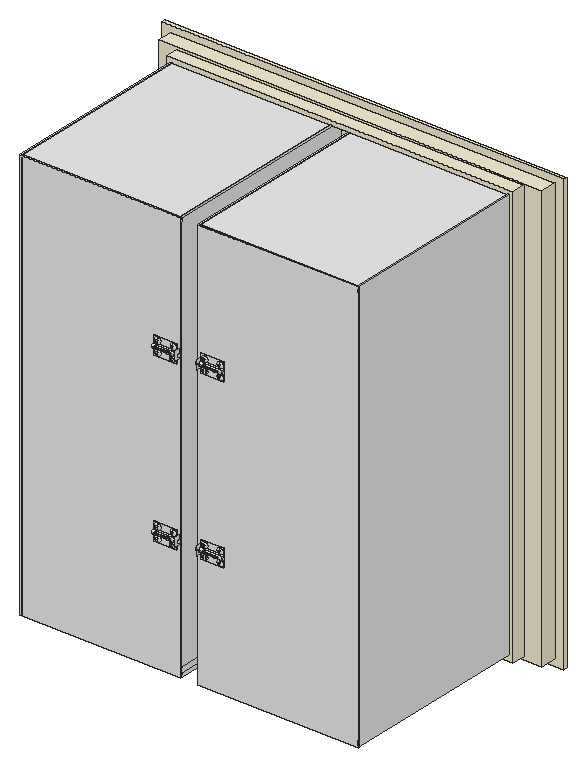
Revit family "Mailboxes_4C-Salsbury_Industries-Rear_Load-9_Door_High_Units", category Specialty Equipment, host Wall, Revit 2016 (continued)
Definition of nested family "3700 Series 4C Door Configurations"
  Automatic sketch dimensions
    Extrusion 1 sketch curve to plane 7 "Front Face of Door" = 0.14468"
    plane 10 "Face of Divider" to Extrusion 1 sketch curve = 0.12271"
    plane 1 "Center (Front/Back)" to Extrusion 1 sketch curve = 0.05445"
    plane 10 "Face of Divider" to Extrusion 1 sketch curve = 0.16676"
    Blend 2 sketch curve to plane 9 = 0.000"  (x2)
    plane 11 "Center Lock Vertical" to Blend 2 sketch curve = 0.000"  (x2)
    plane 11 "Center Lock Vertical" to Extrusion 4 sketch curve = 0.000"
    Extrusion 4 sketch curve to plane 9 = 0.120"
    Extrusion 4 sketch curve to Extrusion 4 sketch curve = 0.285"
    plane 11 "Center Lock Vertical" to Extrusion 5 sketch curve = 0.02933"
    Extrusion 5 sketch curve to plane 11 "Center Lock Vertical" = 0.03067"
    Extrusion 5 sketch curve to plane 9 = 0.2917"
    plane 9 to Extrusion 5 sketch curve = 0.0083"
    Extrusion 6 sketch curve to plane 9 = 0.750"
    Extrusion 6 sketch curve to Extrusion 6 sketch curve = 0.125"  (x3)
    plane 9 to Extrusion 6 sketch curve = 0.625"  (x2)
    plane 3 "Center (Left/Right)" to Extrusion 6 sketch curve = 0.7775"
    plane 15 "Inset Center" to Extrusion 6 sketch curve = 0.750"
    curve 1 to plane 9 = 0.000"
    plane 11 "Center Lock Vertical" to curve 1 = 0.000"
    radius of Blend 2 sketch curve = 0.525"
    radius of Blend 2 sketch curve = 0.485"
    radius of curve 1 = 0.53054"
Definition of nested family "3700 Series 4C OM2 Configuration"
  Parameters (values of type "OM2-RL")
    Weight = ""
    URL = ""
    Access Lock Offset = 0.3125"
    Access Lock = no
    Model = "3700OM2-RL"
    Manufacturer = "Salsbury Industries"
    Lock Material = none
    Front Panel Material = none
    Door Width = 13.375"
    Door Number [instance] = "101"
    Door Height = 7.00047"
    Door Depth = 0.25391"
    Description = "OM2 Door for 3700 Series 4C Mailboxes-Rear Loading"
    Cost = 0
    Center Lock-Vertical = 2.360"
    Center Lock-Horizontal = 1.61523"
  Types (3): name | Access Lock Offset | Access Lock | Model | Description
    (no name) | 0.3125" | no | "3700OM2-RL" | "OM2 Door for 3700 Series 4C Mailboxes-Rear Loading"
    OM2-FL | 0.000" | yes | "3700OM2-FL" | "OM2 Door for 3700 Series 4C Mailboxes-Front Loading"
    OM2-RL | 0.3125" | no | "3700OM2-RL" | "OM2 Door for 3700 Series 4C Mailboxes-Rear Loading"
  Reference planes (in)
    plane 1 "Center (Front/Back)": y = 0
    plane 2 "Bottom of Door": z = 0
    plane 3 "Center (Left/Right)": x = 0
    plane 4 "Left Side Face of Door": x = -6.6875
    plane 5 "Right Side Face of Door": x = 6.6875
    plane 6 "Back Face of Door": y = 0.12695
    plane 7 "Front Face of Door": y = -0.12695
    plane 8: z = 3.23047
    plane 9: z = 1.61523
    plane 10: y = -0.46995
    plane 11 "Center Lock Vertical": x = -4.3275
    plane 12 "Center Lock Horizontal": z = 1.61523
    plane 13 "Face of Lock": y = -0.42383
    plane 14 "Divider Height Align": z = 3.50047
    plane 15 "Plate Center": x = -0.16063
    plane 16 "Left Stud Align": x = -5.7025
    plane 17 "Right Stud Align": x = -2.8895
    plane 18 "Top Stud Align": z = 2.27147
    plane 19 "Bottom Stud Align": z = 0.95947
    plane 20 "Hinge Stud Align": x = 5.6875
    plane 21 "Mail Plate Top": z = 2.61547
    plane 22 "Mail Plate Bottom": z = 0.61547
    plane 23: x = -2.1595
    plane 24: x = 1.8405
    plane 25 "Face of Mail Plate": y = -0.16602
    plane 26 "Top of Mail Drop Door": z = 6.73094
    plane 27 "Top of Mail Drop Divider": z = 7.00047
    plane 28 "Face of Mail Drop": y = -0.31995
    plane 29 "Top of Mail Slot": z = 6.42087
    plane 30 "Bottom of Mail Slot": z = 5.67087
    plane 31 "Left Edge of Mail Slot": x = -5.3755
    plane 32 "Right Edge of Mail Slot": x = 5.3755
    plane 33 "Mail Slot Bottom Protusion": z = 6.50987
    plane 34: y = -0.49395
    plane 35: z = 6.15637
    plane 36 "Front of Awning": y = -1.63495
    plane 37: y = -1.15685
    plane 38 "Mail Slot Slope": through (-240, -0.44582, 6.9722) normal (0, -0.5, 0.866)
    plane 39 "Access Lock Offset": y = 0.43945
  Forms (in)
    Extrusion 1, solid, material <- "Front Panel Material"
      sketch origin (0, 0, 0) x (1, 0, 0) y (0, 1, 0)
        loop
          line (-6.4355, 0.12695) -> (-6.6875, -0.05445) -> (-6.6875, -0.12695) -> (6.05625, -0.12695)
          arc (6.05625, -0.12695) -> (6.19558, -0.17661) -> (6.27209, -0.3032) r 0.22029
          arc (6.27209, -0.3032) -> (6.3553, -0.42132) -> (6.4925, -0.46664) r 0.23034
          arc (6.4925, -0.46664) -> (6.63039, -0.40952) -> (6.6875, -0.27164) r 0.195
          line (6.6875, -0.27164) -> (6.6875, 0.12695) -> (-6.4355, 0.12695)
      from 0 to 3.23047
    Extrusion 2, solid, material <- "Front Panel Material"
      sketch origin (0, 0, 3.50047) x (-1, 0, 0) y (0, -1, 0)
        loop
          line (6.6875, -0.12695) -> (6.6875, 0.46995) -> (-6.6875, 0.46995) -> (-6.6875, -0.12695) -> (6.6875, -0.12695)
      from -0.27 to 0
    Extrusion 3, void
      sketch origin (0, 0.43945, 0) x (0, 0, -1) y (-1, 0, 0)
        loop
          circle (-1.61523, 4.3275) r 0.4375
      from 0 to -0.25391
    Extrusion 4, solid, material <- "Lock Material", visible <- "Access Lock"
      sketch origin (0, 0.43945, 0) x (0, 0, -1) y (-1, 0, 0)
        loop
          circle (-1.61523, 4.3275) r 0.42913
      from 0 to -0.25391
    Extrusion 5, void, detail levels fine
      sketch origin (0, 0.12695, 3.4) x (-1, 0, 0) y (0, 0, 1)
        loop
          line (4.3568, -1.47517) -> (4.2982, -1.47517) -> (4.2982, -2.09436) -> (4.3568, -2.09436) -> (4.3568, -1.47517)
      from -0.12695 to -0.25391
    Blend 6, solid, material <- "Front Panel Material", detail levels medium+fine
      base sketch origin (0, -0.12695, 2.68123) x (-1, 0, 0) y (0, 0, 1)
        loop
          circle (5.7025, -0.40977) r 0.15665
      top sketch origin (0, -0.12695, 2.68123) x (-1, 0, 0) y (0, 0, 1)
        loop
          circle (5.7025, -0.40977) r 0.3125
      from -0.11328 to 0
    Blend 7, solid, material <- "Front Panel Material", detail levels medium+fine
      base sketch origin (1.3125, -0.12695, 2.68123) x (-1, 0, 0) y (0, 0, 1)
        loop
          circle (4.202, -0.40977) r 0.15665
      top sketch origin (1.3125, -0.12695, 2.68123) x (-1, 0, 0) y (0, 0, 1)
        loop
          circle (4.202, -0.40977) r 0.3125
      from -0.11328 to 0
    Blend 8, solid, material <- "Front Panel Material", detail levels medium+fine
      base sketch origin (0, -0.12695, 1.36923) x (-1, 0, 0) y (0, 0, 1)
        loop
          circle (5.7025, -0.40977) r 0.15665
      top sketch origin (0, -0.12695, 1.36923) x (-1, 0, 0) y (0, 0, 1)
        loop
          circle (5.7025, -0.40977) r 0.3125
      from -0.11328 to 0
    Blend 9, solid, material <- "Front Panel Material", detail levels medium+fine
      base sketch origin (1.3125, -0.12695, 1.36923) x (-1, 0, 0) y (0, 0, 1)
        loop
          circle (4.202, -0.40977) r 0.15665
      top sketch origin (1.3125, -0.12695, 1.36923) x (-1, 0, 0) y (0, 0, 1)
        loop
          circle (4.202, -0.40977) r 0.3125
      from -0.11328 to 0
    Blend 10, solid, material <- "Front Panel Material", detail levels medium+fine
      base sketch origin (9.8895, -0.12695, 2.68123) x (-1, 0, 0) y (0, 0, 1)
        loop
          circle (4.202, -0.40977) r 0.15665
      top sketch origin (9.8895, -0.12695, 2.68123) x (-1, 0, 0) y (0, 0, 1)
        loop
          circle (4.202, -0.40977) r 0.3125
      from -0.11328 to 0
    Blend 11, solid, material <- "Front Panel Material", detail levels medium+fine
      base sketch origin (9.8895, -0.12695, 1.36923) x (-1, 0, 0) y (0, 0, 1)
        loop
          circle (4.202, -0.40977) r 0.15665
      top sketch origin (9.8895, -0.12695, 1.36923) x (-1, 0, 0) y (0, 0, 1)
        loop
          circle (4.202, -0.40977) r 0.3125
      from -0.11328 to 0
    Extrusion 12, solid, material <- "Lock Material"
      sketch origin (0, -0.12695, 0) x (-1, 0, 0) y (0, 0, 1)
        loop
          line (1.96028, 2.61547) -> (-1.64128, 2.61547)
          arc (-1.64128, 2.61547) -> (-1.78215, 2.55712) -> (-1.8405, 2.41625) r 0.19922
          line (-1.8405, 2.41625) -> (-1.8405, 0.81469)
          arc (-1.8405, 0.81469) -> (-1.78215, 0.67382) -> (-1.64128, 0.61547) r 0.19922
          line (-1.64128, 0.61547) -> (1.96028, 0.61547)
          arc (1.96028, 0.61547) -> (2.10115, 0.67382) -> (2.1595, 0.81469) r 0.19922
          line (2.1595, 0.81469) -> (2.1595, 2.41625)
          arc (2.1595, 2.41625) -> (2.10115, 2.55712) -> (1.96028, 2.61547) r 0.19922
      from 0 to -0.03906
    Extrusion 13, solid, material <- "Front Panel Material"
      sketch origin (-2.13946, 0, 3.50047) x (-1, 0, 0) y (0, -1, 0)
        loop
          line (4.54804, -0.12695) -> (4.54804, 0.31995) -> (-8.82696, 0.31995) -> (-8.82696, -0.12695) -> (4.54804, -0.12695)
      from 0 to 3.0094
    Extrusion 14, void
      sketch origin (0, -0.31995, 0) x (0, 0, -1) y (-1, 0, 0)
        loop
          arc (-5.67087, 5.0005) -> (-6.04587, 5.3755) -> (-6.42087, 5.0005) r 0.375
          line (-6.42087, 5.0005) -> (-6.42087, -5.0005)
          arc (-6.42087, -5.0005) -> (-6.04587, -5.3755) -> (-5.67087, -5.0005) r 0.375
          line (-5.67087, -5.0005) -> (-5.67087, 5.0005)
      from 0 to 0.44691
    Extrusion 15, solid, material <- "Front Panel Material"
      sketch origin (0, 0, 0) x (0, 1, 0) y (0, 0, 1)
        loop
          line (0.12695, 6.50987) -> (0.12695, 7.00047) -> (-0.46995, 7.00047) -> (-0.75605, 6.83078) -> (-0.73973, 6.80251) -> (-1.27431, 6.49388) -> (-1.29063, 6.52214) -> (-1.61027, 6.3376)
          arc (-1.61027, 6.3376) -> (-1.63087, 6.31111) -> (-1.62714, 6.27777) r 0.04454
          line (-1.62714, 6.27777) -> (-1.5282, 6.17883)
          arc (-1.5282, 6.17883) -> (-1.4937, 6.16211) -> (-1.4558, 6.15637) r 0.12791
          line (-1.4558, 6.15637) -> (-1.10623, 6.15637) -> (-0.49395, 6.50987) -> (0.12695, 6.50987)
      from -6.6875 to 6.6875
  Cuts and joins
    Extrusion 3 cuts Extrusion 1
    Extrusion 5 cuts Extrusion 4
    Extrusion 14 cuts Extrusion 13
  Lines and regions (in)
    symbolic lines
      curve 1: circle (-5.7025, -0.12695, 2.27147) r 0.3125 normal (0, 1, 0)
      curve 2: circle (-5.7025, -0.12695, 0.95947) r 0.3125 normal (0, 1, 0)
      curve 3: circle (-2.8895, -0.12695, 0.95947) r 0.3125 normal (0, 1, 0)
      curve 4: circle (-2.8895, -0.12695, 2.27147) r 0.3125 normal (0, 1, 0)
      curve 5: circle (-4.3275, -0.12695, 1.61523) r 0.42913 normal (0, 1, 0)
      curve 6: circle (5.6875, -0.12695, 0.95947) r 0.3125 normal (0, 1, 0)
      curve 7: circle (5.6875, -0.12695, 2.27147) r 0.3125 normal (0, 1, 0)
      curve 8: arc (-2.1595, -0.12695, 2.41625) -> (-2.10115, -0.12695, 2.55712) -> (-1.96028, -0.12695, 2.61547) r 0.19922
      curve 9: arc (1.8405, -0.12695, 2.41625) -> (1.78215, -0.12695, 2.55712) -> (1.64128, -0.12695, 2.61547) r 0.19922
      curve 10: arc (1.8405, -0.12695, 0.81469) -> (1.78215, -0.12695, 0.67382) -> (1.64128, -0.12695, 0.61547) r 0.19922
      curve 11: arc (-1.96028, -0.12695, 0.61547) -> (-2.10115, -0.12695, 0.67382) -> (-2.1595, -0.12695, 0.81469) r 0.19922
      curve 12: line (-2.1595, -0.12695, 0.81469) -> (-2.1595, -0.12695, 2.41625)
      curve 13: line (-1.96028, -0.12695, 2.61547) -> (1.64128, -0.12695, 2.61547)
      curve 14: line (1.8405, -0.12695, 2.41625) -> (1.8405, -0.12695, 0.81469)
      curve 15: line (1.64128, -0.12695, 0.61547) -> (-1.96028, -0.12695, 0.61547)
  Dimensions and locks (in)
    equal spacing: plane 6 "Back Face of Door", plane 1 "Center (Front/Back)", plane 7 "Front Face of Door"
    "Door Depth": plane 6 "Back Face of Door" to plane 7 "Front Face of Door"
    equal spacing: plane 4 "Left Side Face of Door", plane 3 "Center (Left/Right)", plane 5 "Right Side Face of Door"
    "Door Width": plane 4 "Left Side Face of Door" to plane 5 "Right Side Face of Door"
    plane 8 to level = 3.23047"
    equal spacing: plane 8, plane 9, level
    locked: plane 7 "Front Face of Door" to plane 10 at 0.343
    "Center Lock-Vertical": plane 4 "Left Side Face of Door" to plane 11 "Center Lock Vertical"
    "Center Lock-Horizontal": plane 8 to plane 12 "Center Lock Horizontal"
    locked: plane 14 "Divider Height Align" to plane 8 at 0.27
    plane 4 "Left Side Face of Door" to plane 16 "Left Stud Align" to plane 17 "Right Stud Align" = 0.985", 2.813"
    plane 8 to plane 18 "Top Stud Align" to plane 19 "Bottom Stud Align" = 0.959", 1.312"
    plane 20 "Hinge Stud Align" to plane 5 "Right Side Face of Door" = 1.000"
    plane 8 to plane 21 "Mail Plate Top" to plane 22 "Mail Plate Bottom" = 0.615", 2.000"
    plane 4 "Left Side Face of Door" to plane 23 to plane 24 = 4.528", 4.000"
    plane 27 "Top of Mail Drop Divider" to plane 26 "Top of Mail Drop Door" to plane 14 "Divider Height Align" = 0.26953" locked, 3.23047"
    "Door Height": plane 27 "Top of Mail Drop Divider" to level
    plane 28 "Face of Mail Drop" to plane 10 = 0.150"
    locked: plane 27 "Top of Mail Drop Divider" to plane 29 "Top of Mail Slot" at 0.5796
    locked: plane 29 "Top of Mail Slot" to plane 30 "Bottom of Mail Slot" at 0.75
    locked: plane 4 "Left Side Face of Door" to plane 31 "Left Edge of Mail Slot" at 1.312
    locked: plane 32 "Right Edge of Mail Slot" to plane 5 "Right Side Face of Door" at 1.312
    locked: plane 33 "Mail Slot Bottom Protusion" to plane 29 "Top of Mail Slot" at 0.089
    plane 28 "Face of Mail Drop" to plane 34 = 0.174"
    plane 33 "Mail Slot Bottom Protusion" to plane 35 = 0.3535"
    plane 28 "Face of Mail Drop" to plane 36 "Front of Awning" = 1.315"
    plane 4 "Left Side Face of Door" to plane 5 "Right Side Face of Door" = 13.375"
    plane 6 "Back Face of Door" to plane 36 "Front of Awning" = 1.76191"
    "Access Lock Offset": plane 39 "Access Lock Offset" to plane 6 "Back Face of Door"
    aligned and locked: level to plane 2 "Bottom of Door"
    aligned and locked: plane 4 "Left Side Face of Door" to Extrusion 1
    aligned and locked: plane 6 "Back Face of Door" to Extrusion 1
    aligned and locked: plane 7 "Front Face of Door" to Extrusion 1
    aligned and locked: Extrusion 1 to level
    aligned and locked: plane 8 to Extrusion 1
    aligned and locked: Extrusion 2 sketch curve to plane 4 "Left Side Face of Door"
    aligned and locked: Extrusion 2 sketch curve to plane 6 "Back Face of Door"
    aligned and locked: plane 5 "Right Side Face of Door" to Extrusion 2 sketch curve
    aligned and locked: Extrusion 2 to plane 8
    aligned and locked: plane 10 to Extrusion 2 sketch curve
    aligned and locked: plane 14 "Divider Height Align" to Extrusion 2
    aligned and locked: plane 4 "Left Side Face of Door" to Extrusion 2
    aligned and locked: Extrusion 2 to plane 5 "Right Side Face of Door"
    aligned and locked: Extrusion 13 to plane 28 "Face of Mail Drop"
    aligned and locked: plane 29 "Top of Mail Slot" to Extrusion 14 sketch curve
    aligned and locked: cut or joined group of Extrusion 13, Extrusion 14 to cut or joined group of Extrusion 13, Extrusion 14
    aligned and locked: cut or joined group of Extrusion 1, Extrusion 3 to plane 2 "Bottom of Door"
  Automatic sketch dimensions
    Extrusion 1 sketch curve to plane 4 "Left Side Face of Door" = 0.000"
    Extrusion 1 sketch curve to plane 6 "Back Face of Door" = 0.000"
    Extrusion 1 sketch curve to plane 7 "Front Face of Door" = 0.000"
    Extrusion 1 sketch curve to plane 5 "Right Side Face of Door" = 0.000"
    Extrusion 1 sketch curve to plane 4 "Left Side Face of Door" = 0.252"
    Extrusion 1 sketch curve to plane 20 "Hinge Stud Align" = 0.36875"
    Extrusion 1 sketch curve to plane 25 "Face of Mail Plate" = 0.07029"
    plane 5 "Right Side Face of Door" to Extrusion 1 sketch curve = 0.195"
    Extrusion 1 sketch curve to plane 25 "Face of Mail Plate" = 0.10562"
    Extrusion 1 sketch curve to plane 13 "Face of Lock" = 0.07658"
    plane 1 "Center (Front/Back)" to Extrusion 1 sketch curve = 0.05445"
    Extrusion 1 sketch curve to plane 13 "Face of Lock" = 0.12063"
    Extrusion 5 sketch curve to plane 11 "Center Lock Vertical" = 0.0293"
    plane 11 "Center Lock Vertical" to Extrusion 5 sketch curve = 0.0293"
    Extrusion 5 sketch curve to plane 9 = 0.30959"
    plane 9 to Extrusion 5 sketch curve = 0.30959"
    plane 16 "Left Stud Align" to Blend 6 sketch curve = 0.000"  (x2)
    Blend 6 sketch curve to plane 18 "Top Stud Align" = 0.000"  (x2)
    plane 17 "Right Stud Align" to Blend 7 sketch curve = 0.000"  (x2)
    Blend 7 sketch curve to plane 18 "Top Stud Align" = 0.000"  (x2)
    plane 16 "Left Stud Align" to Blend 8 sketch curve = 0.000"  (x2)
    Blend 8 sketch curve to plane 19 "Bottom Stud Align" = 0.000"  (x2)
    plane 17 "Right Stud Align" to Blend 9 sketch curve = 0.000"  (x2)
    Blend 9 sketch curve to plane 19 "Bottom Stud Align" = 0.000"  (x2)
    Blend 10 sketch curve to plane 18 "Top Stud Align" = 0.000"  (x2)
    plane 20 "Hinge Stud Align" to Blend 10 sketch curve = 0.000"  (x2)
    Blend 11 sketch curve to plane 19 "Bottom Stud Align" = 0.000"  (x2)
    plane 20 "Hinge Stud Align" to Blend 11 sketch curve = 0.000"  (x2)
    plane 24 to Extrusion 12 sketch curve = 0.000"
    Extrusion 12 sketch curve to plane 22 "Mail Plate Bottom" = 0.000"
    Extrusion 12 sketch curve to plane 21 "Mail Plate Top" = 0.000"
    plane 23 to Extrusion 12 sketch curve = 0.000"
    plane 24 to Extrusion 12 sketch curve = 0.19922"  (x2)
    plane 18 "Top Stud Align" to Extrusion 12 sketch curve = 0.14478"
    Extrusion 12 sketch curve to plane 23 = 0.19922"
    Extrusion 13 sketch curve to plane 5 "Right Side Face of Door" = 0.000"
    Extrusion 13 sketch curve to plane 4 "Left Side Face of Door" = 0.000"
    Extrusion 13 sketch curve to plane 6 "Back Face of Door" = 0.000"
    Extrusion 13 sketch curve to plane 7 "Front Face of Door" = 0.193"
    Extrusion 14 sketch curve to plane 30 "Bottom of Mail Slot" = 0.000"
    plane 32 "Right Edge of Mail Slot" to Extrusion 14 sketch curve = 0.375"
    Extrusion 14 sketch curve to plane 31 "Left Edge of Mail Slot" = 0.375"
    Extrusion 15 sketch curve to plane 35 = 0.000"
    Extrusion 15 sketch curve to plane 33 "Mail Slot Bottom Protusion" = 0.000"
    Extrusion 15 sketch curve to plane 34 = 0.000"
    Extrusion 15 sketch curve to plane 27 "Top of Mail Drop Divider" = 0.000"
    Extrusion 15 sketch curve to plane 6 "Back Face of Door" = 0.000"
    plane 26 "Top of Mail Drop Door" to Extrusion 15 sketch curve = 0.07158"
    Extrusion 15 sketch curve to plane 34 = 0.24578"
    plane 26 "Top of Mail Drop Door" to Extrusion 15 sketch curve = 0.09984"
    Extrusion 15 sketch curve to Extrusion 15 sketch curve = 0.01632"
    plane 37 to Extrusion 15 sketch curve = 0.05062"
    Extrusion 15 sketch curve to plane 33 "Mail Slot Bottom Protusion" = 0.01599"
    plane 33 "Mail Slot Bottom Protusion" to Extrusion 15 sketch curve = 0.01227"
    plane 36 "Front of Awning" to Extrusion 15 sketch curve = 0.17915"
    plane 35 to Extrusion 15 sketch curve = 0.02246"
    Extrusion 15 sketch curve to Extrusion 15 sketch curve = 0.0724"
    plane 36 "Front of Awning" to Extrusion 15 sketch curve = 0.04696"
    plane 36 "Front of Awning" to Extrusion 15 sketch curve = 0.02469"
    plane 36 "Front of Awning" to Extrusion 15 sketch curve = 0.00781"
    Extrusion 15 sketch curve to Extrusion 15 sketch curve = 0.05983"
    Extrusion 4 sketch curve to plane 9 = 0.000"
    plane 11 "Center Lock Vertical" to Extrusion 4 sketch curve = 0.000"
    Extrusion 3 sketch curve to plane 9 = 0.000"
    plane 11 "Center Lock Vertical" to Extrusion 3 sketch curve = 0.000"
    curve 6 to plane 19 "Bottom Stud Align" = 0.000"
    plane 20 "Hinge Stud Align" to curve 6 = 0.000"
    curve 7 to plane 18 "Top Stud Align" = 0.000"
    plane 20 "Hinge Stud Align" to curve 7 = 0.000"
    plane 24 to curve 14 = 0.000"
    curve 9 to plane 21 "Mail Plate Top" = 0.000"
    curve 11 to plane 22 "Mail Plate Bottom" = 0.000"
    plane 23 to curve 12 = 0.000"
    plane 17 "Right Stud Align" to curve 4 = 0.000"
    plane 17 "Right Stud Align" to curve 3 = 0.000"
    curve 5 to plane 9 = 0.000"
    plane 11 "Center Lock Vertical" to curve 5 = 0.000"
    plane 16 "Left Stud Align" to curve 1 = 0.000"
    plane 16 "Left Stud Align" to curve 2 = 0.000"
    curve 2 to plane 19 "Bottom Stud Align" = 0.000"
    curve 3 to plane 19 "Bottom Stud Align" = 0.000"
    curve 1 to plane 18 "Top Stud Align" = 0.000"
    curve 4 to plane 18 "Top Stud Align" = 0.000"
    plane 18 "Top Stud Align" to curve 9 = 0.14478"
    curve 10 to plane 19 "Bottom Stud Align" = 0.14478"
    plane 18 "Top Stud Align" to curve 8 = 0.14478"
    curve 11 to plane 19 "Bottom Stud Align" = 0.14478"
    radius of Blend 6 sketch curve = 0.15665"
    radius of Blend 6 sketch curve = 0.3125"
    radius of Blend 7 sketch curve = 0.15665"
    radius of Blend 7 sketch curve = 0.3125"
    radius of Blend 8 sketch curve = 0.15665"
    radius of Blend 8 sketch curve = 0.3125"
    radius of Blend 9 sketch curve = 0.15665"
    radius of Blend 9 sketch curve = 0.3125"
    radius of Blend 10 sketch curve = 0.15665"
    radius of Blend 10 sketch curve = 0.3125"
    radius of Blend 11 sketch curve = 0.15665"
    radius of Blend 11 sketch curve = 0.3125"
    radius of Extrusion 4 sketch curve = 0.42913"
    radius of Extrusion 3 sketch curve = 0.4375"
    radius of curve 1 = 0.3125"
    radius of curve 2 = 0.3125"
    radius of curve 3 = 0.3125"
    radius of curve 4 = 0.3125"
    radius of curve 5 = 0.42913"
    radius of curve 6 = 0.3125"
    radius of curve 7 = 0.3125"
Definition of nested family "4C Latch Lock"
  Parameters (values of type "Lock Latch")
    Width = 1.750"
    Type Comments = "Lock Latch for Aluminum Mailboxes"
    Visible Latch = yes
    Manufacturer = "Salsbury Industries"
    Height = 1.375"
    Depth = 0.244"
    Back Enclosure Material = none
  Reference planes (in)
    plane 1 "Center (Front/Back)": y = 0
    plane 2 "left": z = 0
    plane 3 "Center (Left/Right)": x = 0
    plane 4 "top": x = -0.875
    plane 5 "bottom": x = 0.875
    plane 6 "Front": y = 0.122
    plane 7 "Back": y = -0.122
    plane 8 "Vertical Center": z = 0.6875
    plane 9 "right": z = 1.375
    plane 10: x = -1
    plane 11: x = -1.125
  Forms (in)
    Extrusion 1, solid, material <- "Back Enclosure Material", visible <- "Visible Latch", detail levels medium+fine
      sketch origin (-0.67187, 0, 0.67188) x (0, 0, -1) y (0, 1, 0)
        loop
          line (-0.22131, -0.0902) -> (-0.70312, -0.0902) -> (-0.70312, -0.12209) -> (-0.22129, -0.12209)
          arc (-0.22129, -0.12209) -> (-0.1389, -0.08579) -> (-0.11009, -0.00048) r 0.11165
          arc (-0.11009, -0.00048) -> (-0.01599, 0.09362) -> (0.07812, -0.00048) r 0.09411
          arc (0.07812, -0.00048) -> (0.10866, -0.08591) -> (0.19189, -0.122) r 0.11401
          line (0.19189, -0.122) -> (0.67187, -0.122) -> (0.67187, -0.08954) -> (0.19205, -0.08954)
          arc (0.19205, -0.08954) -> (0.13091, -0.06294) -> (0.10869, -0.00006) r 0.08357
          arc (0.10869, -0.00006) -> (-0.01625, 0.12487) -> (-0.14118, -0.00006) r 0.12494
          arc (-0.14118, -0.00006) -> (-0.16101, -0.06312) -> (-0.22131, -0.0902) r 0.08069
      from -0.20313 to 1.54687
    Extrusion 2, void, detail levels medium+fine
      sketch origin (-0.86719, 0.122, 0.78906) x (0, 0, -1) y (1, 0, 0)
        loop
          line (0.02064, 1.43976) -> (0.02064, 0.31562) -> (0.29045, 0.31562) -> (0.29045, 0.47278) -> (0.12796, 0.47278) -> (0.12796, 1.28526) -> (0.27447, 1.28526) -> (0.27447, 1.43976) -> (0.02064, 1.43976)
      from -0.01091 to 0.1442
    Blend 3, solid, material <- "Back Enclosure Material", visible <- "Visible Latch", detail levels fine
      base sketch origin (-0.95312, 0.122, 0.96875) x (0, 0, -1) y (1, 0, 0)
        loop
          circle (-0.1252, 1.55349) r 0.1
      top sketch origin (-0.95312, 0.122, 0.96875) x (0, 0, -1) y (1, 0, 0)
        loop
          circle (-0.1252, 1.55349) r 0.215
      from 0.16742 to 0.21154
    Blend 4, solid, material <- "Back Enclosure Material", visible <- "Visible Latch", detail levels fine
      base sketch origin (-0.95312, 0.122, -0.54015) x (0, 0, -1) y (1, 0, 0)
        loop
          circle (-0.8037, 1.55349) r 0.1
      top sketch origin (-0.95312, 0.122, -0.54015) x (0, 0, -1) y (1, 0, 0)
        loop
          circle (-0.8037, 1.55349) r 0.215
      from 0.16742 to 0.21154
    Blend 5, solid, material <- "Back Enclosure Material", visible <- "Visible Latch", detail levels fine
      base sketch origin (-1.95312, 0.122, 0.96875) x (0, 0, -1) y (1, 0, 0)
        loop
          circle (-0.1252, 1.36599) r 0.1
      top sketch origin (-1.95312, 0.122, 0.96875) x (0, 0, -1) y (1, 0, 0)
        loop
          circle (-0.1252, 1.36599) r 0.215
      from 0.16742 to 0.21154
    Blend 6, solid, material <- "Back Enclosure Material", visible <- "Visible Latch", detail levels fine
      base sketch origin (-1.95312, 0.122, -0.55578) x (0, 0, -1) y (1, 0, 0)
        loop
          circle (-0.8037, 1.36599) r 0.1
      top sketch origin (-1.95312, 0.122, -0.55578) x (0, 0, -1) y (1, 0, 0)
        loop
          circle (-0.8037, 1.36599) r 0.215
      from 0.16742 to 0.21154
    Extrusion 7, solid, material <- "Back Enclosure Material", visible <- "Visible Latch", detail levels medium+fine
      sketch origin (-1.22585, -7.77812, 0.87452) x (0, 0, -1) y (0, 1, 0)
        loop
          circle (0.18702, 7.77784) r 0.09014
      from 0.10085 to 2.10085
    Extrusion 8, solid, material <- "Back Enclosure Material", visible <- "Visible Latch", detail levels medium+fine
      sketch origin (-0.59584, -7.78798, 0.67188) x (1, 0, 0) y (0, 1, 0)
        loop
          circle (0.12087, 7.81979) r 0.05
      from 0.01562 to -0.5
    Extrusion 9, solid, material <- "Back Enclosure Material", visible <- "Visible Latch", detail levels medium+fine
      sketch origin (-1.09375, -0.02845, 1.02999) x (0, 0, -1) y (1, 0, 0)
        loop
          line (0.68574, 0.09375) -> (0.68574, 0.12475) -> (-0.00176, 0.12475) -> (-0.00176, 0.09375) -> (0.68574, 0.09375)
      from -0.25 to 0.09355
    Extrusion 10, void, detail levels medium+fine
      sketch origin (-0.969, -7.77845, 0.87437) x (0, 0, -1) y (0, -1, 0)
        loop
          circle (0.18637, -7.77776) r 0.09325
      from 0 to 0.031
  Cuts and joins
    Extrusion 2 cuts Extrusion 1
    Extrusion 10 cuts Extrusion 9
  Lines and regions (in)
    symbolic lines
      curve 1: line (0.875, 0.122, 1.375) -> (-0.875, 0.122, 1.375)
      curve 2: line (0.875, 0.122, 0) -> (0.875, 0.122, 1.375)
      curve 3: line (-0.875, 0.122, 0) -> (0.875, 0.122, 0)
      curve 4: line (-0.875, 0.122, 1.375) -> (-0.875, 0.122, 0)
      curve 5: line (-0.875, 0.122, 0.78197) -> (-1.125, 0.122, 0.78197)
      curve 6: line (-1.125, 0.122, 0.78197) -> (-1.125, 0.122, 0.59736)
      curve 7: line (-1.125, 0.122, 0.59736) -> (-0.875, 0.122, 0.59736)
  Dimensions and locks (in)
    equal spacing: plane 7 "Back", plane 1 "Center (Front/Back)", plane 6 "Front"
    "Depth": plane 7 "Back" to plane 6 "Front"
    equal spacing: plane 4 "top", plane 3 "Center (Left/Right)", plane 5 "bottom"
    "Width": plane 4 "top" to plane 5 "bottom"
    equal spacing: plane 9 "right", plane 8 "Vertical Center", plane 2 "left"
    "Height": plane 9 "right" to plane 2 "left"
    plane 10 to plane 4 "top" = 0.125"
    plane 11 to plane 4 "top" = 0.250"
    plane 10 to plane 11 = 0.125"
    aligned and locked: level to plane 2 "left"
    aligned and locked: curve 1 to cut or joined group of Extrusion 1, Extrusion 2
    aligned and locked: curve 2 to cut or joined group of Extrusion 1, Extrusion 2
    aligned and locked: curve 3 to cut or joined group of Extrusion 1, Extrusion 2
    aligned and locked: curve 4 to cut or joined group of Extrusion 1, Extrusion 2
  Automatic sketch dimensions
    Extrusion 1 sketch curve to plane 7 "Back" = 0.000"
    Extrusion 1 sketch curve to plane 7 "Back" = 0.0318"
    plane 9 "right" to Extrusion 1 sketch curve = 0.000"
    Extrusion 1 sketch curve to plane 8 "Vertical Center" = 0.20569"
    plane 7 "Back" to Extrusion 1 sketch curve = 0.00009"
    Extrusion 1 sketch curve to plane 8 "Vertical Center" = 0.20567"
    plane 1 "Center (Front/Back)" to Extrusion 1 sketch curve = 0.00006"
    Extrusion 1 sketch curve to plane 8 "Vertical Center" = 0.00062"
    Extrusion 1 sketch curve to Extrusion 1 sketch curve = 0.00026"
    Extrusion 1 sketch curve to Extrusion 1 sketch curve = 0.20788"
    Extrusion 1 sketch curve to Extrusion 1 sketch curve = 0.00016"
    Extrusion 1 sketch curve to level = 0.000"
    Extrusion 1 sketch curve to plane 7 "Back" = 0.03246"
    plane 1 "Center (Front/Back)" to Extrusion 1 sketch curve = 0.01045"
    Extrusion 1 sketch curve to Extrusion 1 sketch curve = 0.00094"
    Extrusion 1 sketch curve to Extrusion 1 sketch curve = 0.00201"
    Extrusion 2 sketch curve to plane 8 "Vertical Center" = 0.08092"
    plane 5 "bottom" to Extrusion 2 sketch curve = 0.45693"
    plane 8 "Vertical Center" to Extrusion 2 sketch curve = 0.0264"
    Extrusion 2 sketch curve to Extrusion 2 sketch curve = 0.16249"
    Extrusion 2 sketch curve to Extrusion 2 sketch curve = 0.14651"
    Extrusion 2 sketch curve to plane 3 "Center (Left/Right)" = 0.3944"
    Extrusion 2 sketch curve to plane 4 "top" = 0.32343"
    plane 5 "bottom" to Extrusion 2 sketch curve = 0.30243"
    plane 5 "bottom" to Blend 3 sketch curve = 0.27463"  (x2)
    Blend 3 sketch curve to plane 8 "Vertical Center" = 0.40645"  (x2)
    plane 5 "bottom" to Blend 4 sketch curve = 0.27463"  (x2)
    level to Blend 4 sketch curve = 0.26355"  (x2)
    Blend 5 sketch curve to plane 8 "Vertical Center" = 0.40645"  (x2)
    Blend 5 sketch curve to plane 3 "Center (Left/Right)" = 0.58713"  (x2)
    level to Blend 6 sketch curve = 0.24792"  (x2)
    Blend 6 sketch curve to plane 3 "Center (Left/Right)" = 0.58713"  (x2)
    plane 1 "Center (Front/Back)" to Extrusion 7 sketch curve = 0.00028"
    plane 8 "Vertical Center" to Extrusion 7 sketch curve = 0.000"
    Extrusion 8 sketch curve to plane 1 "Center (Front/Back)" = 0.03181"
    Extrusion 8 sketch curve to plane 4 "top" = 0.40003"
    Extrusion 9 sketch curve to plane 8 "Vertical Center" = 0.34425"
    level to Extrusion 9 sketch curve = 0.34425"
    plane 4 "top" to Extrusion 9 sketch curve = 0.125"
    Extrusion 9 sketch curve to Extrusion 9 sketch curve = 0.031"
    plane 1 "Center (Front/Back)" to Extrusion 10 sketch curve = 0.0007"
    Extrusion 10 sketch curve to plane 8 "Vertical Center" = 0.0005"
    curve 6 to plane 11 = 0.000"
    curve 5 to plane 8 "Vertical Center" = 0.09447"
    plane 8 "Vertical Center" to curve 6 = 0.09014"
    radius of Blend 3 sketch curve = 0.100"
    radius of Blend 3 sketch curve = 0.215"
    radius of Blend 4 sketch curve = 0.100"
    radius of Blend 4 sketch curve = 0.215"
    radius of Blend 5 sketch curve = 0.100"
    radius of Blend 5 sketch curve = 0.215"
    radius of Blend 6 sketch curve = 0.100"
    radius of Blend 6 sketch curve = 0.215"
    radius of Extrusion 7 sketch curve = 0.09014"
    radius of Extrusion 8 sketch curve = 0.050"
    radius of Extrusion 10 sketch curve = 0.09325"
Definition of nested family "4C Latch Lock-Left"
  Parameters (values of type "Lock Latch")
    Width = 1.750"
    Type Comments = "Lock Latch for Aluminum Mailboxes"
    Visible Latch = yes
    Manufacturer = "Salsbury Industries"
    Height = 1.375"
    Depth = 0.244"
    Back Enclosure Material = none
  Reference planes (in)
    plane 1 "Center (Front/Back)": y = 0
    plane 2 "left": z = 0
    plane 3 "Center (Left/Right)": x = 0
    plane 4 "top": x = -0.875
    plane 5 "bottom": x = 0.875
    plane 6 "Front": y = 0.122
    plane 7 "Back": y = -0.122
    plane 8 "Vertical Center": z = 0.6875
    plane 9 "right": z = 1.375
    plane 10: x = 1
    plane 11: x = 1.125
  Forms (in)
    Extrusion 1, solid, material <- "Back Enclosure Material", visible <- "Visible Latch", detail levels medium+fine
      sketch origin (-0.67187, 0, 0.67188) x (0, 0, -1) y (0, 1, 0)
        loop
          line (-0.22131, -0.0902) -> (-0.70312, -0.0902) -> (-0.70312, -0.12209) -> (-0.22129, -0.12209)
          arc (-0.22129, -0.12209) -> (-0.1389, -0.08579) -> (-0.11009, -0.00048) r 0.11165
          arc (-0.11009, -0.00048) -> (-0.01599, 0.09362) -> (0.07812, -0.00048) r 0.09411
          arc (0.07812, -0.00048) -> (0.10866, -0.08591) -> (0.19189, -0.122) r 0.11401
          line (0.19189, -0.122) -> (0.67187, -0.122) -> (0.67187, -0.08954) -> (0.19205, -0.08954)
          arc (0.19205, -0.08954) -> (0.13091, -0.06294) -> (0.10869, -0.00006) r 0.08357
          arc (0.10869, -0.00006) -> (-0.01625, 0.12487) -> (-0.14118, -0.00006) r 0.12494
          arc (-0.14118, -0.00006) -> (-0.16101, -0.06312) -> (-0.22131, -0.0902) r 0.08069
      from -0.20313 to 1.54687
    Extrusion 2, void
      sketch origin (-0.86719, 0.122, 0.78906) x (0, 0, -1) y (1, 0, 0)
        loop
          line (0.02064, 1.43976) -> (0.02064, 0.31562) -> (0.29045, 0.31562) -> (0.29045, 0.47278) -> (0.12796, 0.47278) -> (0.12796, 1.28526) -> (0.27447, 1.28526) -> (0.27447, 1.43976) -> (0.02064, 1.43976)
      from -0.01091 to 0.1442
    Blend 3, solid, material <- "Back Enclosure Material", visible <- "Visible Latch", detail levels fine
      base sketch origin (-0.95312, 0.122, 0.96875) x (0, 0, -1) y (1, 0, 0)
        loop
          circle (-0.1252, 1.55349) r 0.1
      top sketch origin (-0.95312, 0.122, 0.96875) x (0, 0, -1) y (1, 0, 0)
        loop
          circle (-0.1252, 1.55349) r 0.215
      from 0.16742 to 0.21154
    Blend 4, solid, material <- "Back Enclosure Material", visible <- "Visible Latch", detail levels fine
      base sketch origin (-0.95312, 0.122, -0.54015) x (0, 0, -1) y (1, 0, 0)
        loop
          circle (-0.8037, 1.55349) r 0.1
      top sketch origin (-0.95312, 0.122, -0.54015) x (0, 0, -1) y (1, 0, 0)
        loop
          circle (-0.8037, 1.55349) r 0.215
      from 0.16742 to 0.21154
    Blend 5, solid, material <- "Back Enclosure Material", visible <- "Visible Latch", detail levels fine
      base sketch origin (-1.95312, 0.122, 0.96875) x (0, 0, -1) y (1, 0, 0)
        loop
          circle (-0.1252, 1.36599) r 0.1
      top sketch origin (-1.95312, 0.122, 0.96875) x (0, 0, -1) y (1, 0, 0)
        loop
          circle (-0.1252, 1.36599) r 0.215
      from 0.16742 to 0.21154
    Blend 6, solid, material <- "Back Enclosure Material", visible <- "Visible Latch", detail levels fine
      base sketch origin (-1.95312, 0.122, -0.55578) x (0, 0, -1) y (1, 0, 0)
        loop
          circle (-0.8037, 1.36599) r 0.1
      top sketch origin (-1.95312, 0.122, -0.55578) x (0, 0, -1) y (1, 0, 0)
        loop
          circle (-0.8037, 1.36599) r 0.215
      from 0.16742 to 0.21154
    Extrusion 7, solid, material <- "Back Enclosure Material", visible <- "Visible Latch", detail levels medium+fine
      sketch origin (-1.22585, -7.77812, 0.87452) x (0, 0, -1) y (0, 1, 0)
        loop
          circle (0.18702, 7.77784) r 0.09014
      from 0.35085 to 2.35085
    Extrusion 8, solid, material <- "Back Enclosure Material", visible <- "Visible Latch", detail levels medium+fine
      sketch origin (0.37291, -7.78798, 0.67188) x (1, 0, 0) y (0, 1, 0)
        loop
          circle (0.12087, 7.81979) r 0.05
      from 0.01562 to -0.5
    Extrusion 9, solid, material <- "Back Enclosure Material", visible <- "Visible Latch", detail levels medium+fine
      sketch origin (0.87525, -0.02845, 1.02999) x (0, 0, -1) y (1, 0, 0)
        loop
          line (0.68574, 0.09375) -> (0.68574, 0.12475) -> (-0.00176, 0.12475) -> (-0.00176, 0.09375) -> (0.68574, 0.09375)
      from -0.25 to 0.09355
    Extrusion 10, void
      sketch origin (1, -7.77845, 0.87437) x (0, 0, -1) y (0, -1, 0)
        loop
          circle (0.18637, -7.77776) r 0.09325
      from 0 to 0.031
  Cuts and joins
    Extrusion 2 cuts Extrusion 1
    Extrusion 10 cuts Extrusion 9
  Lines and regions (in)
    symbolic lines
      curve 1: line (0.875, 0.122, 1.375) -> (-0.875, 0.122, 1.375)
      curve 2: line (0.875, 0.122, 0) -> (0.875, 0.122, 1.375)
      curve 3: line (-0.875, 0.122, 0) -> (0.875, 0.122, 0)
      curve 4: line (-0.875, 0.122, 1.375) -> (-0.875, 0.122, 0)
      curve 5: line (0.875, 0.122, 0.78197) -> (1.125, 0.122, 0.78197)
      curve 6: line (1.125, 0.122, 0.78197) -> (1.125, 0.122, 0.59736)
      curve 7: line (1.125, 0.122, 0.59736) -> (0.875, 0.122, 0.59736)
  Dimensions and locks (in)
    equal spacing: plane 7 "Back", plane 1 "Center (Front/Back)", plane 6 "Front"
    "Depth": plane 7 "Back" to plane 6 "Front"
    equal spacing: plane 4 "top", plane 3 "Center (Left/Right)", plane 5 "bottom"
    "Width": plane 4 "top" to plane 5 "bottom"
    equal spacing: plane 9 "right", plane 8 "Vertical Center", plane 2 "left"
    "Height": plane 9 "right" to plane 2 "left"
    plane 4 "top" to plane 10 = 1.875"
    plane 5 "bottom" to plane 11 = 0.250"
    plane 11 to plane 10 = 0.125"
    aligned and locked: level to plane 2 "left"
    aligned and locked: curve 1 to cut or joined group of Extrusion 1, Extrusion 2
    aligned and locked: curve 2 to cut or joined group of Extrusion 1, Extrusion 2
    aligned and locked: curve 3 to cut or joined group of Extrusion 1, Extrusion 2
    aligned and locked: curve 4 to cut or joined group of Extrusion 1, Extrusion 2
  Automatic sketch dimensions
    Extrusion 1 sketch curve to plane 7 "Back" = 0.000"
    Extrusion 1 sketch curve to plane 7 "Back" = 0.0318"
    plane 9 "right" to Extrusion 1 sketch curve = 0.000"
    Extrusion 1 sketch curve to plane 8 "Vertical Center" = 0.20569"
    plane 7 "Back" to Extrusion 1 sketch curve = 0.00009"
    Extrusion 1 sketch curve to plane 8 "Vertical Center" = 0.20567"
    plane 1 "Center (Front/Back)" to Extrusion 1 sketch curve = 0.00006"
    Extrusion 1 sketch curve to plane 8 "Vertical Center" = 0.00062"
    Extrusion 1 sketch curve to Extrusion 1 sketch curve = 0.00026"
    Extrusion 1 sketch curve to Extrusion 1 sketch curve = 0.20788"
    Extrusion 1 sketch curve to Extrusion 1 sketch curve = 0.00016"
    Extrusion 1 sketch curve to level = 0.000"
    Extrusion 1 sketch curve to plane 7 "Back" = 0.03246"
    plane 1 "Center (Front/Back)" to Extrusion 1 sketch curve = 0.01045"
    Extrusion 1 sketch curve to Extrusion 1 sketch curve = 0.00094"
    Extrusion 1 sketch curve to Extrusion 1 sketch curve = 0.00201"
    Extrusion 2 sketch curve to plane 8 "Vertical Center" = 0.08092"
    plane 5 "bottom" to Extrusion 2 sketch curve = 0.45693"
    plane 8 "Vertical Center" to Extrusion 2 sketch curve = 0.0264"
    Extrusion 2 sketch curve to Extrusion 2 sketch curve = 0.16249"
    Extrusion 2 sketch curve to Extrusion 2 sketch curve = 0.14651"
    Extrusion 2 sketch curve to plane 3 "Center (Left/Right)" = 0.3944"
    Extrusion 2 sketch curve to plane 4 "top" = 0.32343"
    plane 5 "bottom" to Extrusion 2 sketch curve = 0.30243"
    plane 5 "bottom" to Blend 3 sketch curve = 0.27463"  (x2)
    Blend 3 sketch curve to plane 8 "Vertical Center" = 0.40645"  (x2)
    plane 5 "bottom" to Blend 4 sketch curve = 0.27463"  (x2)
    level to Blend 4 sketch curve = 0.26355"  (x2)
    Blend 5 sketch curve to plane 8 "Vertical Center" = 0.40645"  (x2)
    Blend 5 sketch curve to plane 3 "Center (Left/Right)" = 0.58713"  (x2)
    level to Blend 6 sketch curve = 0.24792"  (x2)
    Blend 6 sketch curve to plane 3 "Center (Left/Right)" = 0.58713"  (x2)
    plane 1 "Center (Front/Back)" to Extrusion 7 sketch curve = 0.00028"
    plane 8 "Vertical Center" to Extrusion 7 sketch curve = 0.000"
    Extrusion 8 sketch curve to plane 1 "Center (Front/Back)" = 0.03181"
    Extrusion 8 sketch curve to plane 4 "top" = 1.36878"
    Extrusion 9 sketch curve to plane 8 "Vertical Center" = 0.34425"
    level to Extrusion 9 sketch curve = 0.34425"
    Extrusion 9 sketch curve to plane 4 "top" = 1.844"
    Extrusion 9 sketch curve to Extrusion 9 sketch curve = 0.031"
    plane 1 "Center (Front/Back)" to Extrusion 10 sketch curve = 0.0007"
    Extrusion 10 sketch curve to plane 8 "Vertical Center" = 0.0005"
    curve 7 to plane 11 = 0.000"
    curve 5 to plane 8 "Vertical Center" = 0.09447"
    plane 8 "Vertical Center" to curve 6 = 0.09014"
    radius of Blend 3 sketch curve = 0.100"
    radius of Blend 3 sketch curve = 0.215"
    radius of Blend 4 sketch curve = 0.100"
    radius of Blend 4 sketch curve = 0.215"
    radius of Blend 5 sketch curve = 0.100"
    radius of Blend 5 sketch curve = 0.215"
    radius of Blend 6 sketch curve = 0.100"
    radius of Blend 6 sketch curve = 0.215"
    radius of Extrusion 7 sketch curve = 0.09014"
    radius of Extrusion 8 sketch curve = 0.050"
    radius of Extrusion 10 sketch curve = 0.09325"
Types (13): name | Width | Vertical Center Divider | Type Comments | Right Inside Wall | Model | Left Inside Wall | Latch Locks-Left Side | Latch Alignment | Door Slot R9 Number | Door Slot R9 | Door Slot R8 Number | Door Slot R8 | Door Slot R7 Number | Door Slot R7 | Door Slot R6 Number | Door Slot R6 | Door Slot R5 | Door Slot R4 Number | Door Slot R4 | Door Slot R3 Number | Door Slot R3 | Door Slot R2 Number | Door Slot R2 | Door Slot R1 Number | Door Slot R1 | Door Slot L9 Number | Door Slot L9 | Door Slot L8 Number | Door Slot L8 | Door Slot L7 Number | Door Slot L7 | Door Slot L6 Number | Door Slot L6 | Door Slot L5 Number | Door Slot L5 | Door Slot L4 Number | Door Slot L4 | Door Slot L3 Number | Door Slot L3 | Door Slot L2 Number | Door Slot L2 | Door Slot L1 Number | Door Slot L1 | Description | Center Extrusion Offset | Above Finished Floor (AFF-Bottom of Unit) | Above Finished Floor (AFF-Bottom Shelf)
  3709S-1B RL | 16.344" | no | "4C Horizontal Receptacle Bin - Rear Loading" | no | "3709S-1B RL" | no | no | 13.876" | "0" | 4C-9 Door High Receptacle : 4C-9 Door High Receptacle | "0" | 3700 Series 4C Door Configurations : Empty | "0" | 3700 Series 4C Door Configurations : Empty | "0" | 3700 Series 4C Door Configurations : Empty | 3700 Series 4C Door Configurations : Empty | "0" | 3700 Series 4C Door Configurations : Empty | "0" | 3700 Series 4C Door Configurations : Empty | "0" | 3700 Series 4C Door Configurations : Empty | "0" | 3700 Series 4C Door Configurations : Empty | "0" | 3700 Series 4C Door Configurations : Empty | "0" | 3700 Series 4C Door Configurations : Empty | "0" | 3700 Series 4C Door Configurations : Empty | "0" | 3700 Series 4C Door Configurations : Empty | "0" | 3700 Series 4C Door Configurations : Empty | "0" | 3700 Series 4C Door Configurations : Empty | "0" | 3700 Series 4C Door Configurations : Empty | "0" | 3700 Series 4C Door Configurations : Empty | "0" | 3700 Series 4C Door Configurations : Empty | "9 Door High Unit" | 48.000" | 13.683" | 15.000"
  3709S-1C RL | 16.344" | no | "4C Horizontal Collection Box - Rear Loading" | no | "3709S-1C RL" | no | no | 13.876" | "0" | 4C-9 Door High Collection Box : 4C-9 Door High Collection Box | "0" | 3700 Series 4C Door Configurations : Empty | "0" | 3700 Series 4C Door Configurations : Empty | "0" | 3700 Series 4C Door Configurations : Empty | 3700 Series 4C Door Configurations : Empty | "0" | 3700 Series 4C Door Configurations : Empty | "0" | 3700 Series 4C Door Configurations : Empty | "0" | 3700 Series 4C Door Configurations : Empty | "0" | 3700 Series 4C Door Configurations : Empty | "0" | 3700 Series 4C Door Configurations : Empty | "0" | 3700 Series 4C Door Configurations : Empty | "0" | 3700 Series 4C Door Configurations : Empty | "0" | 3700 Series 4C Door Configurations : Empty | "0" | 3700 Series 4C Door Configurations : Empty | "0" | 3700 Series 4C Door Configurations : Empty | "0" | 3700 Series 4C Door Configurations : Empty | "0" | 3700 Series 4C Door Configurations : Empty | "0" | 3700 Series 4C Door Configurations : Empty | "9 Door High Unit" | 48.000" | 13.683" | 15.000"
  3709D-16 RL | 31.09766" | yes | "4C Standard Horizontal Mailbox - Rear Loading" | yes | "3709D-16 RL" | yes | yes | 14.857" | "16" | 3700 Series 4C Door Configurations : MB1 Door w/ Divider | "15" | 3700 Series 4C Door Configurations : MB1 Door w/ Divider | "14" | 3700 Series 4C Door Configurations : MB1 Door w/ Divider | "13" | 3700 Series 4C Door Configurations : MB1 Door w/ Divider | 3700 Series 4C OM2 Configuration : OM2-RL | "0" | 3700 Series 4C Door Configurations : Empty | "12" | 3700 Series 4C Door Configurations : MB1 Door w/ Divider | "11" | 3700 Series 4C Door Configurations : MB1 Door w/ Divider | "10" | 3700 Series 4C Door Configurations : MB1 Door | "9" | 3700 Series 4C Door Configurations : MB1 Door w/ Divider | "8" | 3700 Series 4C Door Configurations : MB1 Door w/ Divider | "7" | 3700 Series 4C Door Configurations : MB1 Door w/ Divider | "6" | 3700 Series 4C Door Configurations : MB1 Door w/ Divider | "5" | 3700 Series 4C Door Configurations : MB1 Door w/ Divider | "4" | 3700 Series 4C Door Configurations : MB1 Door w/ Divider | "3" | 3700 Series 4C Door Configurations : MB1 Door w/ Divider | "2" | 3700 Series 4C Door Configurations : MB1 Door w/ Divider | "1" | 3700 Series 4C Door Configurations : MB1 Door | "9 Door High Unit:  16 MB1, OM2" | 0.000" | 26.683" | 28.000"
  3709S-07 RL | 16.344" | no | "4C Standard Horizontal Mailbox - Rear Loading" | no | "3709S-07 RL" | no | no | 13.876" | "7" | 3700 Series 4C Door Configurations : MB1 Door w/ Divider | "6" | 3700 Series 4C Door Configurations : MB1 Door w/ Divider | "5" | 3700 Series 4C Door Configurations : MB1 Door w/ Divider | "4" | 3700 Series 4C Door Configurations : MB1 Door w/ Divider | 3700 Series 4C OM2 Configuration : OM2-RL | "0" | 3700 Series 4C Door Configurations : Empty | "3" | 3700 Series 4C Door Configurations : MB1 Door w/ Divider | "2" | 3700 Series 4C Door Configurations : MB1 Door w/ Divider | "1" | 3700 Series 4C Door Configurations : MB1 Door | "0" | 3700 Series 4C Door Configurations : Empty | "0" | 3700 Series 4C Door Configurations : Empty | "0" | 3700 Series 4C Door Configurations : Empty | "0" | 3700 Series 4C Door Configurations : Empty | "0" | 3700 Series 4C Door Configurations : Empty | "0" | 3700 Series 4C Door Configurations : Empty | "0" | 3700 Series 4C Door Configurations : Empty | "0" | 3700 Series 4C Door Configurations : Empty | "0" | 3700 Series 4C Door Configurations : Empty | "9 Door High Unit:  7 MB1, OM2" | 48.000" | 26.683" | 28.000"
  3709D-15 RL | 31.09766" | yes | "4C Standard Horizontal Mailbox - Rear Loading" | yes | "3709D-15 RL" | yes | yes | 14.857" | "15" | 3700 Series 4C Door Configurations : MB1 Door w/ Divider | "14" | 3700 Series 4C Door Configurations : MB1 Door w/ Divider | "13" | 3700 Series 4C Door Configurations : MB1 Door w/ Divider | "0" | 3700 Series 4C OM3 Configuration : OM3-RL | 3700 Series 4C Door Configurations : Empty | "0" | 3700 Series 4C Door Configurations : Empty | "12" | 3700 Series 4C Door Configurations : MB1 Door w/ Divider | "11" | 3700 Series 4C Door Configurations : MB1 Door w/ Divider | "10" | 3700 Series 4C Door Configurations : MB1 Door | "9" | 3700 Series 4C Door Configurations : MB1 Door w/ Divider | "8" | 3700 Series 4C Door Configurations : MB1 Door w/ Divider | "7" | 3700 Series 4C Door Configurations : MB1 Door w/ Divider | "6" | 3700 Series 4C Door Configurations : MB1 Door w/ Divider | "5" | 3700 Series 4C Door Configurations : MB1 Door w/ Divider | "4" | 3700 Series 4C Door Configurations : MB1 Door w/ Divider | "3" | 3700 Series 4C Door Configurations : MB1 Door w/ Divider | "2" | 3700 Series 4C Door Configurations : MB1 Door w/ Divider | "1" | 3700 Series 4C Door Configurations : MB1 Door | "9 Door High Unit:  15 MB1, OM3" | 0.000" | 26.683" | 28.000"
  3709D-10 RL | 31.09766" | yes | "4C Standard Horizontal Mailbox - Rear Loading" | yes | "3709D-10 RL" | yes | yes | 14.857" | "10" | 3700 Series 4C Door Configurations : MB1 Door w/ Divider | "9" | 3700 Series 4C Door Configurations : MB1 Door w/ Divider | "8" | 3700 Series 4C Door Configurations : MB1 Door w/ Divider | "7" | 3700 Series 4C Door Configurations : MB1 Door w/ Divider | 3700 Series 4C OM2 Configuration : OM2-RL | "0" | 3700 Series 4C Door Configurations : Empty | "6" | 3700 Series 4C Door Configurations : MB1 Door w/ Divider | "5" | 3700 Series 4C Door Configurations : MB1 Door w/ Divider | "4" | 3700 Series 4C Door Configurations : MB1 Door | "1P" | 3700 Series 4C Parcel Configurations : PL6 w/ Divider | "0" | 3700 Series 4C Door Configurations : Empty | "0" | 3700 Series 4C Door Configurations : Empty | "0" | 3700 Series 4C Door Configurations : Empty | "0" | 3700 Series 4C Door Configurations : Empty | "0" | 3700 Series 4C Door Configurations : Empty | "3" | 3700 Series 4C Door Configurations : MB1 Door w/ Divider | "2" | 3700 Series 4C Door Configurations : MB1 Door w/ Divider | "1" | 3700 Series 4C Door Configurations : MB1 Door | "9 Door High Unit:  10 MB1, 1 PL6, OM2" | 0.000" | 26.683" | 28.000"
  3709D-06 RL | 31.09766" | yes | "4C Standard Horizontal Mailbox - Rear Loading" | yes | "3709D-06 RL" | yes | yes | 14.857" | "6" | 3700 Series 4C Door Configurations : MB3 Door w/ Divider | "0" | 3700 Series 4C Door Configurations : Empty | "0" | 3700 Series 4C Door Configurations : Empty | "5" | 3700 Series 4C Door Configurations : MB1 Door w/ Divider | 3700 Series 4C OM2 Configuration : OM2-RL | "0" | 3700 Series 4C Door Configurations : Empty | "4" | 3700 Series 4C Door Configurations : MB3 Door | "0" | 3700 Series 4C Door Configurations : Empty | "0" | 3700 Series 4C Door Configurations : Empty | "3" | 3700 Series 4C Door Configurations : MB3 Door w/ Divider | "0" | 3700 Series 4C Door Configurations : Empty | "0" | 3700 Series 4C Door Configurations : Empty | "2" | 3700 Series 4C Door Configurations : MB3 Door w/ Divider | "0" | 3700 Series 4C Door Configurations : Empty | "0" | 3700 Series 4C Door Configurations : Empty | "1" | 3700 Series 4C Door Configurations : MB3 Door | "0" | 3700 Series 4C Door Configurations : Empty | "0" | 3700 Series 4C Door Configurations : Empty | "9 Door High Unit:  1 MB1, 5 MB3, OM2" | 0.000" | 26.683" | 28.000"
  3709D-05 RL | 31.09766" | yes | "4C Standard Horizontal Mailbox - Rear Loading" | yes | "3709D-05 RL" | yes | yes | 14.857" | "5" | 3700 Series 4C Door Configurations : MB3 Door w/ Divider | "0" | 3700 Series 4C Door Configurations : Empty | "0" | 3700 Series 4C Door Configurations : Empty | "0" | 3700 Series 4C OM3 Configuration : OM3-RL | 3700 Series 4C Door Configurations : Empty | "0" | 3700 Series 4C Door Configurations : Empty | "4" | 3700 Series 4C Door Configurations : MB3 Door | "0" | 3700 Series 4C Door Configurations : Empty | "0" | 3700 Series 4C Door Configurations : Empty | "3" | 3700 Series 4C Door Configurations : MB3 Door w/ Divider | "0" | 3700 Series 4C Door Configurations : Empty | "0" | 3700 Series 4C Door Configurations : Empty | "2" | 3700 Series 4C Door Configurations : MB3 Door w/ Divider | "0" | 3700 Series 4C Door Configurations : Empty | "0" | 3700 Series 4C Door Configurations : Empty | "1" | 3700 Series 4C Door Configurations : MB3 Door | "0" | 3700 Series 4C Door Configurations : Empty | "0" | 3700 Series 4C Door Configurations : Empty | "9 Door High Unit:  5 MB3, OM3" | 0.000" | 26.683" | 28.000"
  3709D-03 RL | 31.09766" | yes | "4C Standard Horizontal Mailbox - Rear Loading" | yes | "3709D-03 RL" | yes | yes | 14.857" | "3" | 3700 Series 4C Door Configurations : MB3 Door w/ Divider | "0" | 3700 Series 4C Door Configurations : Empty | "0" | 3700 Series 4C Door Configurations : Empty | "0" | 3700 Series 4C OM3 Configuration : OM3-RL | 3700 Series 4C Door Configurations : Empty | "0" | 3700 Series 4C Door Configurations : Empty | "2" | 3700 Series 4C Door Configurations : MB3 Door | "0" | 3700 Series 4C Door Configurations : Empty | "0" | 3700 Series 4C Door Configurations : Empty | "1P" | 3700 Series 4C Parcel Configurations : PL6 w/ Divider | "0" | 3700 Series 4C Door Configurations : Empty | "0" | 3700 Series 4C Door Configurations : Empty | "0" | 3700 Series 4C Door Configurations : Empty | "0" | 3700 Series 4C Door Configurations : Empty | "0" | 3700 Series 4C Door Configurations : Empty | "1" | 3700 Series 4C Door Configurations : MB3 Door | "0" | 3700 Series 4C Door Configurations : Empty | "0" | 3700 Series 4C Door Configurations : Empty | "9 Door High Unit:  3 MB3, 1 PL6, OM3" | 0.000" | 26.683" | 28.000"
  3709D-4P RL | 31.09766" | yes | "4C Standard Horizontal Mailbox - Rear Loading" | yes | "3709D-4P RL" | yes | yes | 14.857" | "4P" | 3700 Series 4C Parcel Configurations : PL5 w/ Divider | "0" | 3700 Series 4C Door Configurations : Empty | "0" | 3700 Series 4C Door Configurations : Empty | "0" | 3700 Series 4C Door Configurations : Empty | 3700 Series 4C Door Configurations : Empty | "3P" | 3700 Series 4C Parcel Configurations : PL4 | "0" | 3700 Series 4C Door Configurations : Empty | "0" | 3700 Series 4C Door Configurations : Empty | "0" | 3700 Series 4C Door Configurations : Empty | "2P" | 3700 Series 4C Parcel Configurations : PL5 w/ Divider | "0" | 3700 Series 4C Door Configurations : Empty | "0" | 3700 Series 4C Door Configurations : Empty | "0" | 3700 Series 4C Door Configurations : Empty | "0" | 3700 Series 4C Door Configurations : Empty | "1P" | 3700 Series 4C Parcel Configurations : PL4 | "0" | 3700 Series 4C Door Configurations : Empty | "0" | 3700 Series 4C Door Configurations : Empty | "0" | 3700 Series 4C Door Configurations : Empty | "9 Door High Unit:  2 PL4, 2 PL5" | 0.000" | 13.683" | 15.000"
  3709S-02 RL | 16.344" | no | "4C Standard Horizontal Mailbox - Rear Loading" | no | "3709S-02 RL" | no | no | 13.876" | "1P" | 3700 Series 4C Parcel Configurations : PL5 w/ Divider | "0" | 3700 Series 4C Door Configurations : Empty | "0" | 3700 Series 4C Door Configurations : Empty | "0" | 3700 Series 4C Door Configurations : Empty | 3700 Series 4C Door Configurations : Empty | "0" | 3700 Series 4C OM2 Configuration : OM2-RL | "0" | 3700 Series 4C Door Configurations : Empty | "2" | 3700 Series 4C Door Configurations : MB1 Door w/ Divider | "1" | 3700 Series 4C Door Configurations : MB1 Door | "0" | 3700 Series 4C Door Configurations : Empty | "0" | 3700 Series 4C Door Configurations : Empty | "0" | 3700 Series 4C Door Configurations : Empty | "0" | 3700 Series 4C Door Configurations : Empty | "0" | 3700 Series 4C Door Configurations : Empty | "0" | 3700 Series 4C Door Configurations : Empty | "0" | 3700 Series 4C Door Configurations : Empty | "0" | 3700 Series 4C Door Configurations : Empty | "0" | 3700 Series 4C Door Configurations : Empty | "9 Door High Unit:  2 MB1, 1 PL5, OM2" | 48.000" | 13.683" | 15.000"
  3709S-2P RL | 16.344" | no | "4C Standard Horizontal Mailbox - Rear Loading" | no | "3709S-2P RL" | no | no | 13.876" | "2P" | 3700 Series 4C Parcel Configurations : PL5 w/ Divider | "0" | 3700 Series 4C Door Configurations : Empty | "0" | 3700 Series 4C Door Configurations : Empty | "0" | 3700 Series 4C Door Configurations : Empty | 3700 Series 4C Door Configurations : Empty | "1P" | 3700 Series 4C Parcel Configurations : PL4 | "0" | 3700 Series 4C Door Configurations : Empty | "0" | 3700 Series 4C Door Configurations : Empty | "0" | 3700 Series 4C Door Configurations : Empty | "0" | 3700 Series 4C Door Configurations : Empty | "0" | 3700 Series 4C Door Configurations : Empty | "0" | 3700 Series 4C Door Configurations : Empty | "0" | 3700 Series 4C Door Configurations : Empty | "0" | 3700 Series 4C Door Configurations : Empty | "0" | 3700 Series 4C Door Configurations : Empty | "0" | 3700 Series 4C Door Configurations : Empty | "0" | 3700 Series 4C Door Configurations : Empty | "0" | 3700 Series 4C Door Configurations : Empty | "9 Door High Unit:  1 PL4, 1 PL5" | 48.000" | 13.683" | 15.000"
  3709D-04 RL | 31.09766" | yes | "4C Standard Horizontal Mailbox - Rear Loading" | yes | "3709D-04 RL" | yes | yes | 14.857" | "4" | 3700 Series 4C Door Configurations : MB3 Door w/ Divider | "0" | 3700 Series 4C Door Configurations : Empty | "0" | 3700 Series 4C Door Configurations : Empty | "3" | 3700 Series 4C Door Configurations : MB1 Door w/ Divider | 3700 Series 4C OM2 Configuration : OM2-RL | "0" | 3700 Series 4C Door Configurations : Empty | "2" | 3700 Series 4C Door Configurations : MB3 Door | "0" | 3700 Series 4C Door Configurations : Empty | "0" | 3700 Series 4C Door Configurations : Empty | "1P" | 3700 Series 4C Parcel Configurations : PL6 w/ Divider | "0" | 3700 Series 4C Door Configurations : Empty | "0" | 3700 Series 4C Door Configurations : Empty | "0" | 3700 Series 4C Door Configurations : Empty | "0" | 3700 Series 4C Door Configurations : Empty | "0" | 3700 Series 4C Door Configurations : Empty | "1" | 3700 Series 4C Door Configurations : MB3 Door | "0" | 3700 Series 4C Door Configurations : Empty | "0" | 3700 Series 4C Door Configurations : Empty | "9 Door High Unit:  1 MB1, 3 MB3, 1 PL6, OM2" | 0.000" | 26.683" | 28.000"
